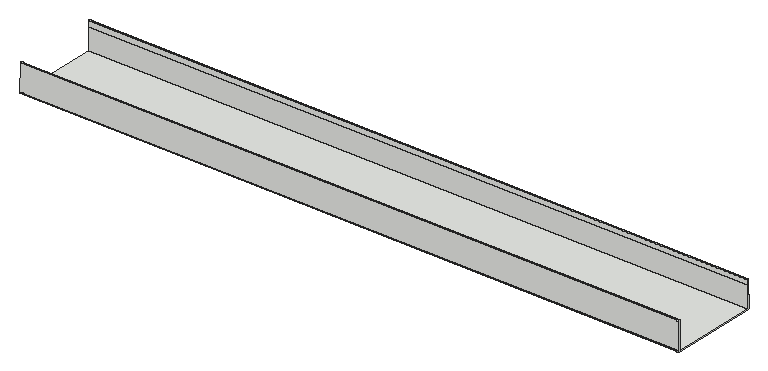
Revit family "PR852", category Mechanical Equipment, Revit 2018
Family settings
  Round Connector Dimension = Use Diameter
  Part Type = Normal
  OmniClass Number = 23.75.00.00
  OmniClass Title = Climate Control (HVAC)
  Work Plane-Based = No
  Always vertical = Yes
  Cut with Voids When Loaded = No
  Shared = No
  Room Calculation Point = No
Parameters (values of type "ISOLAMIN PR852 flashing")
  URL = "http://www.isolamin.se/"
  Thickness = "0.7 mm (Different thicknesses are available on request) \r\n0.7 mm (Different thicknesses are available on request) \r\n0.7 mm (Different thicknesses are available on request)"
  Profile Length = 1180 mm
  Model = "PR852"
  Material = "Galvanized Steel"
  Manufacturer = "ISOLAMIN AB"
  Edition = "1.0 (2018)"
Reference planes
  plane 1 "Center (Front/Back)": y = 0
  plane 2: z = 0
  plane 3 "Center (Left/Right)": x = 0
  plane 4: y = -1284.913
  plane 5: x = 1180
Forms (mm)
  Extrusion 1, solid, material "ISOLAMIN Surface Profile Material"
    sketch origin (0, 0, 0) x (0, 1, 0) y (0, 0, 1)
      loop
        line (-2, 40) -> (-1, 40) -> (-1, 1) -> (-154, 1) -> (-154, 40) -> (-153, 40) -> (-153, 49)
        arc (-153, 49) -> (-154, 50) -> (-155, 49) r 1
        line (-155, 49) -> (-155, 1)
        arc (-155, 1) -> (-154.707, 0.293) -> (-154, 0) r 1
        line (-154, 0) -> (-1, 0)
        arc (-1, 0) -> (-0.293, 0.293) -> (0, 1) r 1
        line (0, 1) -> (0, 49)
        arc (0, 49) -> (-1, 50) -> (-2, 49) r 1
        line (-2, 49) -> (-2, 40)
    from 0 to 1180
Dimensions and locks
  "Profile Length": plane 3 "Center (Left/Right)" to plane 5
  aligned and locked: level to plane 2
  aligned and locked: plane 5 to Extrusion 1
Automatic sketch dimensions
  Extrusion 1 sketch curve to level = 0 mm
  Extrusion 1 sketch curve to plane 1 "Center (Front/Back)" = 0 mm
  plane 1 "Center (Front/Back)" to Extrusion 1 sketch curve = 1 mm  (x3)
  level to Extrusion 1 sketch curve = 40 mm
  Extrusion 1 sketch curve to Extrusion 1 sketch curve = 151 mm
  Extrusion 1 sketch curve to Extrusion 1 sketch curve = 1 mm  (x2)
  Extrusion 1 sketch curve to Extrusion 1 sketch curve = 0 mm  (x2)
  Extrusion 1 sketch curve to Extrusion 1 sketch curve = 39 mm
  Extrusion 1 sketch curve to Extrusion 1 sketch curve = 9 mm  (x2)
